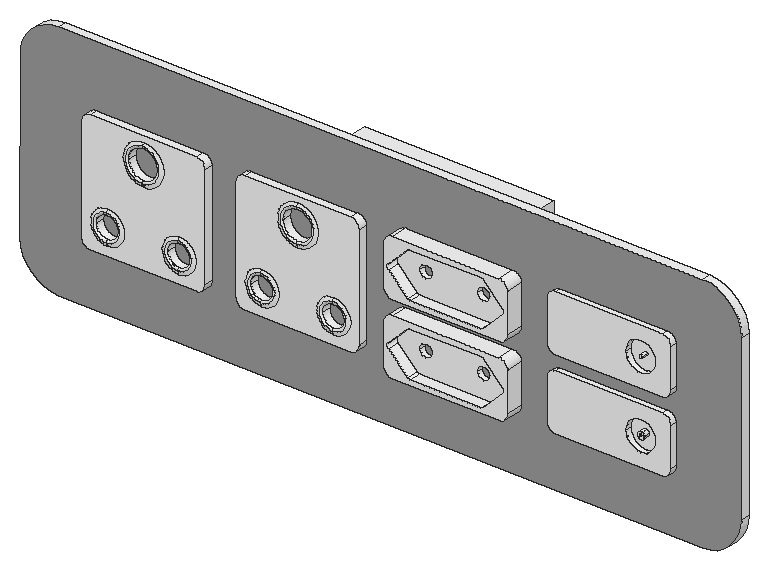
Revit family "EF_Veti-Omni-1", category Electrical Fixtures, Revit 2016
Family settings
  Maintain Annotation Orientation = No
  Part Type = Normal
  Round Connector Dimension = Use Diameter
  Work Plane-Based = No
  Always vertical = Yes
  Cut with Voids When Loaded = No
  Shared = No
  Room Calculation Point = No
Parameters (values of type "Omni 1")
  Voltage_x = 220 V
  URL for TCP = "http://www.tcpbim.co.za"
  URL = "http://www.major-tech.com/15-veti"
  Type Comments = "Plug Points"
  Switch Voltage = Voltage_x  # 220 V
  OMNI 1 Height [instance] = 1200 mm
  Materials [instance] = 0 mm
  Manufacturer = "VETI"
  Made by = "Tolani Civil Projects cc"
  Load = 2860 VA
  Description = "Omni 1"
  Amperage = 16 A
Reference planes
  plane 1 "Center (Front/Back)": y = 0
  plane 2: z = 0
  plane 3 "Center (Left/Right)": x = 0
Forms (mm)
  Extrusion 1, solid, material "Plastic White"
    sketch origin (-181.105, 75, 0) x (1, 0, 0) y (0, 0, 1)
      loop
        arc (-6.395, 1340) -> (-22.305, 1333.41) -> (-28.895, 1317.5) r 22.5
        line (-28.895, 1317.5) -> (-28.895, 1222.5)
        arc (-28.895, 1222.5) -> (-22.305, 1206.59) -> (-6.395, 1200) r 22.5
        line (-6.395, 1200) -> (368.605, 1200)
        arc (368.605, 1200) -> (384.515, 1206.59) -> (391.105, 1222.5) r 22.5
        line (391.105, 1222.5) -> (391.105, 1317.5)
        arc (391.105, 1317.5) -> (384.515, 1333.41) -> (368.605, 1340) r 22.5
        line (368.605, 1340) -> (-6.395, 1340)
    from 75 to 80
  Extrusion 2, solid, material "Plastic White"
    sketch origin (-268.605, 0, 0) x (-1, 0, 0) y (0, 0, 1)
      loop
        line (-214.439, 1310) -> (-324.439, 1310) -> (-324.439, 1300) -> (-214.439, 1300) -> (-214.439, 1310)
    from 0 to 51.204
Cuts and joins
  joined: Extrusion 1, Extrusion 2
Dimensions and locks
  Extrusion 2 sketch curve to Extrusion 2 sketch curve to Extrusion 1 = 10 mm, 30 mm
  Extrusion 2 sketch curve to Extrusion 2 sketch curve = 110 mm
  cut or joined group of Extrusion 1, Extrusion 2 to cut or joined group of Extrusion 1, Extrusion 2 to cut or joined group of Extrusion 1, Extrusion 2 = 51.204 mm locked, 5 mm locked
  cut or joined group of Extrusion 1, Extrusion 2 to cut or joined group of Extrusion 1, Extrusion 2 = 110 mm
  locked: cut or joined group of Extrusion 1, Extrusion 2 to plane 1 "Center (Front/Back)"
  locked: cut or joined group of Extrusion 1, Extrusion 2 to plane 3 "Center (Left/Right)" at 55.833
  Extrusion 1 sketch curve to plane 3 "Center (Left/Right)" to Extrusion 1 sketch curve = 210 mm, 210 mm
  locked: cut or joined group of Extrusion 1, Extrusion 2 to cut or joined group of Extrusion 1, Extrusion 2 at 140
  cut or joined group of Extrusion 1, Extrusion 2 to nested 4 to nested 2 to nested 6 to nested 7 to nested 5 to nested 4 to cut or joined group of Extrusion 1, Extrusion 2 = 35.89 mm locked, 27.82 mm locked, 3 mm locked, 8.49 mm locked, 3 mm locked, 27.82 mm locked, 33.98 mm locked
  cut or joined group of Extrusion 1, Extrusion 2 to nested 3 to cut or joined group of Extrusion 1, Extrusion 2 = 35.89 mm locked, 104.11 mm locked
  nested 7 to nested 6 to nested 5 to nested 2 to plane 3 "Center (Left/Right)" to nested 4 to nested 3 = 71.975 mm locked, 18.025 mm locked, 71.975 mm locked, 9.769 mm locked, 8.497 mm locked, 89.996 mm locked
  "OMNI 1 Height": cut or joined group of Extrusion 1, Extrusion 2 to level
  aligned and locked: level to plane 2
  aligned and locked: nested 1 to plane 1 "Center (Front/Back)"
  aligned and locked: cut or joined group of Extrusion 1, Extrusion 2 to nested 3
  aligned and locked: cut or joined group of Extrusion 1, Extrusion 2 to nested 4
  aligned and locked: cut or joined group of Extrusion 1, Extrusion 2 to nested 2
  aligned and locked: cut or joined group of Extrusion 1, Extrusion 2 to nested 6
  aligned and locked: cut or joined group of Extrusion 1, Extrusion 2 to nested 7
  aligned and locked: nested 5 to nested 2
Automatic sketch dimensions
  Extrusion 1 sketch curve to plane 3 "Center (Left/Right)" = 187.5 mm
  level to Extrusion 1 sketch curve = 1200 mm
  Extrusion 1 sketch curve to Extrusion 1 sketch curve = 22.5 mm  (x3)
  Extrusion 1 sketch curve to Extrusion 1 sketch curve = 95 mm
  Extrusion 2 sketch curve to Extrusion 1 = 154.167 mm
  Extrusion 2 sketch curve to Extrusion 2 sketch curve = 110 mm
Nested families
  nested 1: "Power Point Test 1" at (0, 0, 0) x (-1, 0, 0) z (0, 0, 1), type "Receptacle Symbol"
  nested 2: "2 Pin PLUG" at (45.757, -5, 153.628), type "2 Pin PLUG"
  nested 3: "Plug Plate" at (-134.36, -5, 188.651), type "Plug Plate"
  nested 4: "Plug Plate" at (-44.364, -5, 188.651), type "Plug Plate"
  nested 5: "2 Pin PLUG" at (45.757, -5, 112.362), type "2 Pin PLUG"
  nested 6: "tv point" at (135.757, -5, 153.628), type "tv point"
  nested 7: "sat point" at (135.757, -5, 112.362), type "sat point"
Connectors
  electrical at (0.833, 25.602, 1310), driven by "Voltage_x", driven by "Load"
    settings: on cut or joined group of Extrusion 1, Extrusion 2, index 4, voltage 220 V, apparent load 0 VA, apparent load phase1 2860 VA, apparent load phase2 0 VA, apparent load phase3 0 VA, power factor 1, load classification "Other", number of poles 1, system type 31, power factor state 1, is connector primary yes, connector utility no, sub classification motor no, connector description ""
  electrical at (0.833, 25.602, 1310), driven by "Voltage_x", driven by "Load"
    settings: on cut or joined group of Extrusion 1, Extrusion 2, index 5, voltage 220 V, apparent load 0 VA, apparent load phase1 2860 VA, apparent load phase2 0 VA, apparent load phase3 0 VA, power factor 1, load classification "Other", number of poles 1, system type 31, power factor state 1, is connector primary no, connector utility no, sub classification motor no, connector description ""
  electrical at (0.833, 25.602, 1310), driven by "Voltage_x", driven by "Load"
    settings: on cut or joined group of Extrusion 1, Extrusion 2, index 6, voltage 220 V, apparent load 0 VA, apparent load phase1 2860 VA, apparent load phase2 0 VA, apparent load phase3 0 VA, power factor 1, load classification "Other", number of poles 1, system type 31, power factor state 1, is connector primary no, connector utility no, sub classification motor no, connector description ""
  electrical at (0.833, 25.602, 1310), driven by "Voltage_x", driven by "Load"
    settings: on cut or joined group of Extrusion 1, Extrusion 2, index 7, voltage 220 V, apparent load 0 VA, apparent load phase1 2860 VA, apparent load phase2 0 VA, apparent load phase3 0 VA, power factor 1, load classification "Other", number of poles 1, system type 31, power factor state 1, is connector primary no, connector utility no, sub classification motor no, connector description ""
Definition of nested family "2 Pin PLUG"
  Reference planes
    plane 1 "Center (Front/Back)": y = 0
    plane 2: z = 0
    plane 3 "Center (Left/Right)": x = 0
  Forms (mm)
    Extrusion 1, solid
      sketch origin (-1.754, 2.672, -0.197) x (1, 0, 0) y (0, 0, 1)
        loop
          arc (-29.234, 1152.636) -> (-32.77, 1151.171) -> (-34.234, 1147.636) r 5
          line (-34.234, 1147.636) -> (-34.234, 1124.86)
          arc (-34.234, 1124.86) -> (-32.77, 1121.324) -> (-29.234, 1119.86) r 5
          line (-29.234, 1119.86) -> (32.741, 1119.86)
          arc (32.741, 1119.86) -> (36.277, 1121.324) -> (37.741, 1124.86) r 5
          line (37.741, 1124.86) -> (37.741, 1147.636)
          arc (37.741, 1147.636) -> (36.277, 1151.171) -> (32.741, 1152.636) r 5
          line (32.741, 1152.636) -> (-29.234, 1152.636)
      from 12.672 to 2.672
    Extrusion 2, void
      sketch origin (-1.754, -10, -0.197) x (-1, 0, 0) y (0, 0, 1)
        loop
          line (18.92, 1149.635) -> (-22.428, 1149.635)
          arc (-22.428, 1149.635) -> (-23.283, 1149.465) -> (-24.008, 1148.981) r 2.235
          line (-24.008, 1148.981) -> (-35.163, 1137.826)
          arc (-35.163, 1137.826) -> (-35.817, 1136.248) -> (-35.163, 1134.669) r 2.232
          line (-35.163, 1134.669) -> (-23.998, 1123.504)
          arc (-23.998, 1123.504) -> (-23.284, 1123.027) -> (-22.442, 1122.86) r 2.2
          line (-22.442, 1122.86) -> (18.935, 1122.86)
          arc (18.935, 1122.86) -> (19.777, 1123.027) -> (20.491, 1123.504) r 2.2
          line (20.491, 1123.504) -> (31.656, 1134.669)
          arc (31.656, 1134.669) -> (32.309, 1136.248) -> (31.656, 1137.826) r 2.232
          line (31.656, 1137.826) -> (20.501, 1148.981)
          arc (20.501, 1148.981) -> (19.776, 1149.465) -> (18.92, 1149.635) r 2.235
      from 0 to 6.946
    Extrusion 3, void
      sketch origin (-1.754, -10, -0.197) x (-1, 0, 0) y (0, 0, 1)
        loop
          circle (15.086, 1136.248) r 3.601
        loop
          circle (-18.593, 1136.248) r 3.601
      from 6.946 to 10
  Cuts and joins
    Extrusion 2, Extrusion 3 cuts Extrusion 1
  Dimensions and locks
    aligned and locked: plane 2 to level
    aligned and locked: Extrusion 1 to plane 1 "Center (Front/Back)"
    aligned and locked: Extrusion 3 to Extrusion 2
    aligned and locked: Extrusion 3 to plane 1 "Center (Front/Back)"
Definition of nested family "Plug Plate"
  Reference planes
    plane 1 "Center (Front/Back)": y = 0
    plane 2: z = 0
    plane 3 "Center (Left/Right)": x = 0
    plane 4: x = 0
    plane 5: z = 1100.459
    plane 6: x = 20.867
    plane 7: x = -20.897
    plane 8: z = 1060.329
    plane 9: x = -35.867
    plane 10: x = 35.867
    plane 11 "Left": x = -20.897
    plane 12 "Right": x = 20.867
    plane 13: z = 1060.329
    plane 14: z = 1100.459
  Forms (mm)
    Extrusion 1, solid
      sketch origin (38.868, 0, -0.675) x (1, 0, 0) y (0, 0, 1)
        loop
          arc (-69.734, 1116.134) -> (-73.27, 1114.67) -> (-74.734, 1111.134) r 5
          line (-74.734, 1111.134) -> (-74.734, 1051.004)
          arc (-74.734, 1051.004) -> (-73.27, 1047.468) -> (-69.734, 1046.004) r 5
          line (-69.734, 1046.004) -> (-8.001, 1046.004)
          arc (-8.001, 1046.004) -> (-4.465, 1047.468) -> (-3.001, 1051.004) r 5
          line (-3.001, 1051.004) -> (-3.001, 1111.134)
          arc (-3.001, 1111.134) -> (-4.465, 1114.67) -> (-8.001, 1116.134) r 5
          line (-8.001, 1116.134) -> (-69.734, 1116.134)
        loop
          circle (-38.868, 1101.134) r 8.5
        loop
          circle (-59.764, 1061.004) r 6.5
        loop
          circle (-18.001, 1061.004) r 6.5
      from 5 to 0
    Revolve 2, solid
      sketch origin (-20.897, 0, 0) x (0, 0, -1) y (0, -1, 0)
        loop
          line (-1068.072, 5.593) -> (-1070.253, 4.968) -> (-1066.828, 4.968)
          arc (-1066.828, 4.968) -> (-1067.328, 5.524) -> (-1068.072, 5.593) r 1.027
        axis (-1060.329, 5.593) -> (-1060.329, 4.593)
      angle from 0 to 360
    Revolve 3, solid
      sketch origin (20.867, 0, 0) x (0, 0, -1) y (0, -1, 0)
        loop
          line (-1068.072, 5.593) -> (-1070.253, 4.968) -> (-1066.828, 4.968)
          arc (-1066.828, 4.968) -> (-1067.328, 5.524) -> (-1068.072, 5.593) r 1.027
        axis (-1060.329, 5.593) -> (-1060.329, 4.593)
      angle from 0 to 360
    Revolve 4, solid
      sketch origin (0, 0, 40.13) x (0, 0, -1) y (0, -1, 0)
        loop
          line (-1070.06, 5.593) -> (-1072.241, 4.968) -> (-1068.816, 4.968)
          arc (-1068.816, 4.968) -> (-1069.316, 5.524) -> (-1070.06, 5.593) r 1.027
        axis (-1060.329, 5.593) -> (-1060.329, 4.593)
      angle from 0 to 360
  Cuts and joins
    joined: Extrusion 1, Revolve 2, Revolve 3, Revolve 4
  Dimensions and locks
    aligned and locked: plane 2 to level
Definition of nested family "tv point"
  Reference planes
    plane 1 "Center (Front/Back)": y = 0
    plane 2: z = 0
    plane 3 "Center (Left/Right)": x = 0
    plane 4 "Face": y = -3.514
    plane 5: z = 1136.051
  Forms (mm)
    Extrusion 1, solid
      sketch origin (-1.754, 2.672, -0.197) x (1, 0, 0) y (0, 0, 1)
        loop
          arc (-29.234, 1152.636) -> (-32.77, 1151.171) -> (-34.234, 1147.636) r 5
          line (-34.234, 1147.636) -> (-34.234, 1124.86)
          arc (-34.234, 1124.86) -> (-32.77, 1121.324) -> (-29.234, 1119.86) r 5
          line (-29.234, 1119.86) -> (32.741, 1119.86)
          arc (32.741, 1119.86) -> (36.277, 1121.324) -> (37.741, 1124.86) r 5
          line (37.741, 1124.86) -> (37.741, 1147.636)
          arc (37.741, 1147.636) -> (36.277, 1151.171) -> (32.741, 1152.636) r 5
          line (32.741, 1152.636) -> (-29.234, 1152.636)
      from 6.186 to -0.453
    Extrusion 2, void
      sketch origin (0, 0, 0) x (1, 0, 0) y (0, 0, 1)
        loop
          circle (18.594, 1136.051) r 8.71
        loop
          circle (18.594, 1136.051) r 0.844
      from 0 to 3.974
  Cuts and joins
    Extrusion 2 cuts Extrusion 1
  Lines and regions (mm)
    model lines
      curve 1: line (-19.91, -3.514, 1142.76) -> (-14.182, -3.514, 1142.76)
      curve 2: line (-23.91, -3.514, 1133.341) -> (-23.91, -3.514, 1138.76)
      curve 3: line (-14.182, -3.514, 1129.341) -> (-19.91, -3.514, 1129.341)
      curve 4: line (-10.182, -3.514, 1138.76) -> (-10.182, -3.514, 1133.341)
      curve 5: arc (-23.91, -3.514, 1138.76) -> (-22.738, -3.514, 1141.589) -> (-19.91, -3.514, 1142.76) r 4
      curve 6: arc (-14.182, -3.514, 1142.76) -> (-11.353, -3.514, 1141.589) -> (-10.182, -3.514, 1138.76) r 4
      curve 7: arc (-19.91, -3.514, 1129.341) -> (-22.738, -3.514, 1130.512) -> (-23.91, -3.514, 1133.341) r 4
      curve 8: arc (-10.182, -3.514, 1133.341) -> (-11.353, -3.514, 1130.512) -> (-14.182, -3.514, 1129.341) r 4
    symbolic lines
      curve 9: line (-17.046, -3.514, 1142.76) -> (-12.37, -3.514, 1147.436)
      curve 10: line (-17.046, -3.514, 1142.76) -> (-21.85, -3.514, 1147.565)
      curve 11: line (-20.114, -3.514, 1127.715) -> (-17.908, -3.514, 1127.715)
      curve 12: line (-19.011, -3.514, 1127.715) -> (-19.011, -3.514, 1126.215)
      curve 13: line (-16.86, -3.514, 1127.776) -> (-15.958, -3.514, 1126.215)
      curve 14: line (-15.958, -3.514, 1126.215) -> (-14.901, -3.514, 1127.725)
      curve 15: line (-13.278, -3.514, 1142.657) -> (-13.278, -3.514, 1129.444)
  Dimensions and locks
    aligned and locked: plane 2 to level
Definition of nested family "sat point"
  Reference planes
    plane 1 "Center (Front/Back)": y = 0
    plane 2: z = 0
    plane 3 "Center (Left/Right)": x = 0
    plane 4 "Face": y = -3.514
    plane 5: z = 1136.051
  Forms (mm)
    Extrusion 1, solid
      sketch origin (-1.754, 2.672, -0.197) x (1, 0, 0) y (0, 0, 1)
        loop
          arc (-29.234, 1152.636) -> (-32.77, 1151.171) -> (-34.234, 1147.636) r 5
          line (-34.234, 1147.636) -> (-34.234, 1124.86)
          arc (-34.234, 1124.86) -> (-32.77, 1121.324) -> (-29.234, 1119.86) r 5
          line (-29.234, 1119.86) -> (32.741, 1119.86)
          arc (32.741, 1119.86) -> (36.277, 1121.324) -> (37.741, 1124.86) r 5
          line (37.741, 1124.86) -> (37.741, 1147.636)
          arc (37.741, 1147.636) -> (36.277, 1151.171) -> (32.741, 1152.636) r 5
          line (32.741, 1152.636) -> (-29.234, 1152.636)
      from 6.186 to -0.453
    Extrusion 2, void
      sketch origin (0, 0, 0) x (1, 0, 0) y (0, 0, 1)
        loop
          circle (18.594, 1136.051) r 8.71
        loop
          circle (18.594, 1136.051) r 0.844
        loop
          circle (18.594, 1136.051) r 1.953
      from 0 to 3.974
  Cuts and joins
    Extrusion 2 cuts Extrusion 1
  Lines and regions (mm)
    model lines
      curve 1: line (-19.91, -3.514, 1142.76) -> (-14.182, -3.514, 1142.76)
      curve 2: line (-23.91, -3.514, 1133.341) -> (-23.91, -3.514, 1138.76)
      curve 3: line (-14.182, -3.514, 1129.341) -> (-19.91, -3.514, 1129.341)
      curve 4: line (-10.182, -3.514, 1138.76) -> (-10.182, -3.514, 1133.341)
      curve 5: arc (-23.91, -3.514, 1138.76) -> (-22.738, -3.514, 1141.589) -> (-19.91, -3.514, 1142.76) r 4
      curve 6: arc (-14.182, -3.514, 1142.76) -> (-11.353, -3.514, 1141.589) -> (-10.182, -3.514, 1138.76) r 4
      curve 7: arc (-19.91, -3.514, 1129.341) -> (-22.738, -3.514, 1130.512) -> (-23.91, -3.514, 1133.341) r 4
      curve 8: arc (-10.182, -3.514, 1133.341) -> (-11.353, -3.514, 1130.512) -> (-14.182, -3.514, 1129.341) r 4
      curve 9: arc (-20.756, -3.514, 1140.705) -> (-20.01, -3.514, 1133.962) -> (-13.733, -3.514, 1131.386) r 6.647
      curve 10: line (-19.387, -3.514, 1133.248) -> (-14.811, -3.514, 1138.702)
  Dimensions and locks
    aligned and locked: plane 2 to level
Definition of nested family "Power Point Test 1"
  Parameters
    Plug Point Height = 1200 mm
  Reference planes
    plane 1: y = 0
    plane 2: x = 0
  Lines and regions (mm)
    detail lines
      curve 1: line (-0.442, -0.034, 0) -> (-0.442, 0.736, 0)
      curve 2: arc (1.505, 0.736, 0) -> (0.005, 2.236, 0) -> (-1.495, 0.736, 0) r 1.5
      curve 3: line (0.451, -0.034, 0) -> (0.451, 0.736, 0)
      curve 4: line (-1.495, 0.736, 0) -> (1.505, 0.736, 0)
      curve 5: line (0.005, 2.236, 0) -> (0.005, 0.736, 0)
      curve 6: line (-1.056, 1.797, 0) -> (-2.834, 3.575, 0)
      curve 7: line (-2.122, 2.863, 0) -> (-1.419, 3.566, 0)
      curve 8: line (-1.743, 2.484, 0) -> (-1.04, 3.186, 0)
      curve 9: line (-2.476, 3.217, 0) -> (-1.773, 3.919, 0)
      curve 10: line (-2.834, 3.575, 0) -> (-2.132, 4.278, 0)
      curve 11: line (1.065, 1.797, 0) -> (2.652, 3.384, 0)
      curve 12: line (2.021, 2.752, 0) -> (2.021, 3.837, 0)
      curve 13: line (2.021, 2.752, 0) -> (3.105, 2.752, 0)
  Text (mm)
    label "A" at (-0.392, 3.565, 0), shows "Plug Point Height"
    text "4" at (-0.841, 1.93, 0)
    text "Tv" at (0.053, 1.824, 0)
    text "(2x)" at (1.749, 1.687, 0)
  Dimensions and locks
    curve 1 to curve 3 = 0.893 mm
